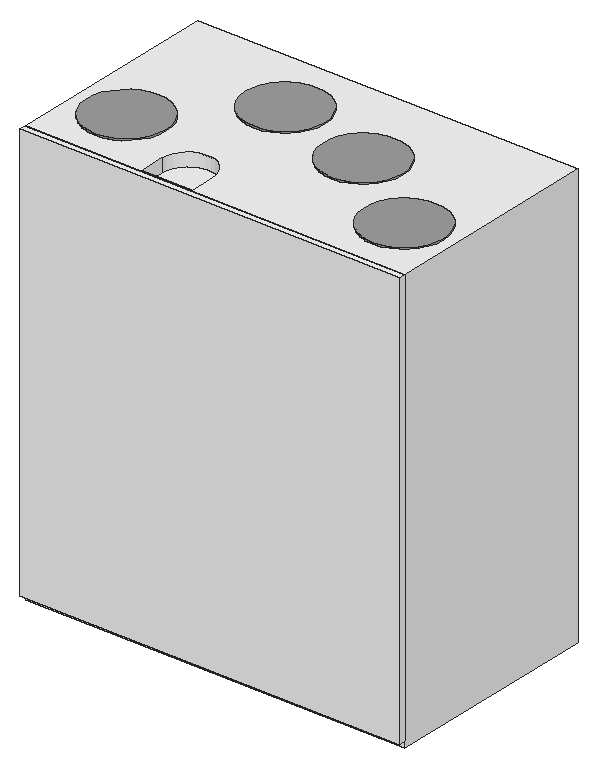
Revit family "210_8ac743d33eee4ac3818da44fb593gb", category Mechanical Equipment, Revit 2020
Family settings
  Round Connector Dimension = Use Diameter
  Classification = None
  Part Type = Normal
  Work Plane-Based = No
  Always vertical = Yes
  Cut with Voids When Loaded = No
  Shared = No
  Room Calculation Point = No
Parameters (values of type "Vallox 51 MV L, no heater")
  magiProductId = "8ac743d33eee4ac3818da44fb593gb"
  magiProductFamilyId = "8ac743d33eee4ac3818da44fb593gb"
  magiPartTypeId = 210
  fan_pressure_supply [instance] = 0.0 Pa
  fan_pressure_exhaust [instance] = 0.0 Pa
  fan_flow_supply [instance] = 0.0 L/s
  fan_flow_exhaust [instance] = 0.0 L/s
  ang2D [instance] = 0.00°
  W_2 = 169.5 mm
  W = 339 mm
  VersionID = "2.0/2020.10.13.1/VALLOX_51_202"
  VIS0 = no
  URL = "www.vallox.com"
  SE = 0 mm
  S = 1 mm
  RS = 62.5 mm
  QmdConnectorList = "221;D;231;D;241;D;251;D"
  Productdata [instance] = "© MagiCAD Group, all rights reserved"
  PValue [instance] = 100.0 Pa
  Manufacturer = "Vallox"
  MZONU__ve [instance] = -Maintenance Zone Under Depth  # -500 mm
  Maintenance Zone Under Depth [instance] = 500 mm
  Maintenance Zone Right Depth [instance] = 500 mm
  Maintenance Zone Over Depth [instance] = 500 mm
  Maintenance Zone Left Depth [instance] = 500 mm
  Maintenance Zone Front Depth [instance] = 330 mm
  Maintenance Zone Bottom Visibility [instance] = no
  Maintenance Zone Top Visibility [instance] = no
  Maintenance Zone Right Visibility [instance] = no
  Maintenance Zone Left Visibility [instance] = no
  Maintenance Zone Front Visibility [instance] = no
  MP_LLDAndHLD = and(MP, LLDAndHLD)  # no
  MPS = 2 mm
  MPH1 = 44 mm
  MPH = 46 mm
  MP = no
  MC Voltage = 230 V
  MC Ventilation Flow [instance] = 0.0 L/s
  MC Product Code = "Vallox 51 MV L, no heater"
  MC Piping Flow [instance] = 0.0 L/s
  MC Number of Poles = 1
  MC Material4 MAIN_MODEL = MC_0_0_0_0_50
  MC Material14 MAIN_MODEL = MC_191_191_191_0_50
  MC Material13 MAIN_MODEL = MC_255_255_255_60_50
  MC Material12 MAIN_MODEL = MC_128_128_128_0_50
  MC Material1 MAIN_MODEL = MC_255_255_255_0_50
  MC Enable LOD 350 = no
  MC Enable LOD 200 = no
  MC Eload Classification [instance] = Other
  MC CosPhi = 1
  MC Cooling Flow [instance] = 0.0 L/s
  MC Apparent Power = MC Active Power / MC CosPhi  # 940 VA
  MC Active Power = 940 W
  L_2 = 299 mm
  LP1 = 588 mm
  LLDONLY = not(BBVIS)  # yes
  LLDAndHLD = and(or(LLDONLY, MC Enable LOD 350), not(BBVIS))  # yes
  LD = 509 mm
  L = 598 mm
  HZ = 673 mm
  HP1 = 658 mm
  HP = 339 mm
  HB = 648 mm
  H2 = 668 mm
  H = 668 mm
  ER1 = 20 mm
  ER = 26 mm
  EPR = 30 mm
  ENBL350 = and(MC Enable LOD 350, not(BBVIS))  # no
  E = 110 mm
  Description = "Ventilation unit"
  Default Elevation = 0 mm
  D_2 = 62.5 mm
  DSCY = 145 mm
  DSC = 377 mm
  DR4 = 12 mm
  DR3 = 10 mm
  DR2 = 6 mm
  DR1 = 17.5 mm
  DR = 22.5 mm
  DPR = 8 mm
  DOC = 81 mm
  DL = 15 mm
  DEXY = 105 mm
  DEX = 222 mm
  DEC = 518 mm
  D = 125 mm
  CenSd_EPR_6 = EPR * cos(30.00°)  # 25.981 mm
  CenSd_DPR_8 = DPR * cos(22.50°)  # 7.391 mm
  Clearance Zone Under Depth [instance] = 500 mm
  Clearance Zone Right Depth [instance] = 500 mm
  Clearance Zone Left Depth [instance] = 500 mm
  Clearance Zone Height Depth [instance] = 500 mm
  Clearance Zone Front Depth [instance] = 500 mm
  Clearance Zone Visibility [instance] = no
  CAT = no
  BW = 359 mm
  BH = 725 mm
  BBVIS = MC Enable LOD 200  # no
Reference planes
  plane 1 "Center (Front/Back)": y = 0
  plane 2 "XYPLANE": z = 0
  plane 3 "Center (Left/Right)": x = 0
  plane 4 "312": y = -76.5
  plane 5 "311": x = -32
  plane 6 "310": x = -122
  plane 7 "284": z = 668
  plane 8 "282": y = -156.5
  plane 9 "281": z = 712
  plane 10 "277": x = -297
  plane 11 "276": x = 297
  plane 12 "275": y = -157.5
  plane 13 "267": z = 673
  plane 14 "161": x = 799
  plane 15 "158": x = -799
  plane 16 "153": y = -509.5
  plane 17 "150": z = 1173
  plane 18 "149": z = -552
  plane 19 "147": y = -659.5
  plane 20 "146": x = 799
  plane 21 "145": x = 299
  plane 22 "144": x = -799
  plane 23 "129": y = 51.5
  plane 24 "121": y = 36.5
  plane 25 "120": z = -32
  plane 26 "118": y = 31.5
  plane 27 "117": y = 26.5
  plane 28 "116": z = -22
  plane 29 "114": x = 200
  plane 30 "113": x = 220
  plane 31 "109": z = -47
  plane 32 "107": z = -52
  plane 33 "105": y = 6.5
  plane 34 "104": x = 210
  plane 35 "95": x = -77
  plane 36 "92": z = 673
  plane 37 "90": z = 663
  plane 38 "86": y = -157.5
  plane 39 "85": y = -117.5
  plane 40 "84": x = -37
  plane 41 "83": x = -117
  plane 42 "80": z = 440
  plane 43 "79": z = 438
  plane 44 "78": z = 448
  plane 45 "77": y = -179.5
  plane 46 "76": y = -171.5
  plane 47 "75": y = -169.5
  plane 48 "74": x = -294
  plane 49 "70": z = 339
  plane 50 "69": y = -159.5
  plane 51 "67": y = 10
  plane 52 "42": x = -218
  plane 53 "41": x = -77
  plane 54 "40": y = 74.5
  plane 55 "39": y = 34.5
  plane 56 "38": x = 78
  plane 57 "17": x = 219
  plane 58 "16": x = -299
  plane 59 "15": z = 668
  plane 60 "14": y = -61.5
  plane 61 "13": y = 179.5
  plane 62 "3": z = 0
  plane 63 "2": y = 0
  plane 64 "1": x = 0
Forms (mm)
  Extrusion 1, solid, material "MC_128_128_128_0_50" <- "MC Material12 MAIN_MODEL", visible <- "MP_LLDAndHLD"
    sketch origin (-750, 0, 668) x (1, 0, 0) y (0, 1, 0)
      loop
        circle (532, -61.5) r 62.5
    from 0 to 46 <- "MPH"
  Extrusion 2, solid, material "MC_128_128_128_0_50" <- "MC Material12 MAIN_MODEL", visible <- "MP_LLDAndHLD"
    sketch origin (-750, 0, 668) x (1, 0, 0) y (0, 1, 0)
      loop
        circle (673, 74.5) r 62.5
    from 0 to 46 <- "MPH"
  Extrusion 3, solid, material "MC_128_128_128_0_50" <- "MC Material12 MAIN_MODEL", visible <- "MP_LLDAndHLD"
    sketch origin (-750, 0, 668) x (1, 0, 0) y (0, 1, 0)
      loop
        circle (828, 34.5) r 62.5
    from 0 to 46 <- "MPH"
  Extrusion 4, solid, material "MC_128_128_128_0_50" <- "MC Material12 MAIN_MODEL", visible <- "MP_LLDAndHLD"
    sketch origin (-750, 0, 668) x (1, 0, 0) y (0, 1, 0)
      loop
        circle (969, -61.5) r 62.5
    from 0 to 46 <- "MPH"
  Extrusion 5, solid, material "MC_191_191_191_0_50" <- "MC Material14 MAIN_MODEL", visible <- "MP_LLDAndHLD"
    sketch origin (-750, 0, 712) x (1, 0, 0) y (0, 1, 0)
      loop
        line (453, 179.5) -> (453, -157.5) -> (1047, -157.5) -> (1047, 179.5) -> (453, 179.5)
      loop
        line (628, -76.5) -> (628, -156.5) -> (718, -156.5) -> (718, -76.5) -> (628, -76.5)
    from 0 to 2
  Extrusion 6, solid, material "MC_255_255_255_0_50" <- "MC Material1 MAIN_MODEL", visible <- "MP_LLDAndHLD"
    sketch origin (-750, 0, 668) x (1, 0, 0) y (0, 1, 0)
      loop
        line (451, -157.5) -> (451, -159.5) -> (1049, -159.5) -> (1049, -157.5) -> (451, -157.5)
    from 0 to 46 <- "MPH"
  Extrusion 7, solid, material "MC_255_255_255_0_50" <- "MC Material1 MAIN_MODEL", visible <- "MP_LLDAndHLD"
    sketch origin (-750, 0, 668) x (1, 0, 0) y (0, 1, 0)
      loop
        line (453, 179.5) -> (451, 179.5) -> (451, -157.5) -> (453, -157.5) -> (453, 179.5)
    from 0 to 46 <- "MPH"
  Extrusion 8, solid, material "MC_255_255_255_0_50" <- "MC Material1 MAIN_MODEL", visible <- "MP_LLDAndHLD"
    sketch origin (-750, 0, 668) x (1, 0, 0) y (0, 1, 0)
      loop
        line (1049, 179.5) -> (1047, 179.5) -> (1047, -157.5) -> (1049, -157.5) -> (1049, 179.5)
    from 0 to 46 <- "MPH"
  Extrusion 9, solid, material "MC_255_255_255_60_50" <- "MC Material13 MAIN_MODEL", visible <- "Maintenance Zone Top Visibility"
    sketch origin (-750, 0, 673) x (1, 0, 0) y (0, 1, 0)
      loop
        line (451, 179.5) -> (451, -179.5) -> (1049, -179.5) -> (1049, 179.5) -> (451, 179.5)
    from 0 to 500 <- "Maintenance Zone Over Depth"
  Extrusion 10, solid, material "MC_255_255_255_60_50" <- "MC Material13 MAIN_MODEL", visible <- "Maintenance Zone Bottom Visibility"
    sketch origin (-750, 0, -52) x (1, 0, 0) y (0, 1, 0)
      loop
        line (451, 179.5) -> (451, -179.5) -> (1049, -179.5) -> (1049, 179.5) -> (451, 179.5)
    from 0 to -500 <- "MZONU__ve"
  Extrusion 11, solid, material "MC_255_255_255_60_50" <- "MC Material13 MAIN_MODEL", visible <- "Maintenance Zone Right Visibility"
    sketch origin (-750, 0, -52) x (1, 0, 0) y (0, 1, 0)
      loop
        line (1549, 179.5) -> (1049, 179.5) -> (1049, -179.5) -> (1549, -179.5) -> (1549, 179.5)
    from 0 to 725 <- "BH"
  Extrusion 12, solid, material "MC_255_255_255_60_50" <- "MC Material13 MAIN_MODEL", visible <- "Maintenance Zone Left Visibility"
    sketch origin (-750, 0, -52) x (1, 0, 0) y (0, 1, 0)
      loop
        line (451, 179.5) -> (-49, 179.5) -> (-49, -179.5) -> (451, -179.5) -> (451, 179.5)
    from 0 to 725 <- "BH"
  Extrusion 13, solid, material "MC_255_255_255_60_50" <- "MC Material13 MAIN_MODEL", visible <- "Maintenance Zone Front Visibility"
    sketch origin (-750, 0, -52) x (1, 0, 0) y (0, 1, 0)
      loop
        line (451, -179.5) -> (451, -509.5) -> (1049, -509.5) -> (1049, -179.5) -> (451, -179.5)
    from 0 to 725 <- "BH"
  Blend 14, solid, material "MC_255_255_255_60_50" <- "MC Material13 MAIN_MODEL", visible <- "Clearance Zone Visibility"
    base sketch origin (-750, 0, -552) x (1, 0, 0) y (0, 1, 0)
      loop
        line (-49, 179.5) -> (-49, -659.5) -> (1549, -659.5) -> (1549, 179.5) -> (-49, 179.5)
    top sketch origin (-750, 0, -552) x (1, 0, 0) y (0, 1, 0)
      loop
        line (-49, 179.5) -> (-49, -659.5) -> (1549, -659.5) -> (1549, 179.5) -> (-49, 179.5)
    from 0 to 1725
  Extrusion 15, solid, visible <- "BBVIS"
    sketch origin (-750, 0, -52) x (1, 0, 0) y (0, 1, 0)
      loop
        line (1049, 179.5) -> (451, 179.5) -> (451, -179.5) -> (1049, -179.5) -> (1049, 179.5)
    from 0 to 725 <- "BH"
  Extrusion 16, solid, material "MC_255_255_255_0_50" <- "MC Material1 MAIN_MODEL", visible <- "ENBL350"
    sketch origin (750, 36.5, 0) x (-1, 0, 0) y (0, 0, 1)
      loop
        circle (540, -32) r 10
      loop
        line (532, -32) -> (534.343, -37.657) -> (540, -40) -> (545.657, -37.657) -> (548, -32) -> (545.657, -26.343) -> (540, -24) -> (534.343, -26.343) -> (532, -32)
    from 0 to 3
  Extrusion 17, solid, material "MC_255_255_255_0_50" <- "MC Material1 MAIN_MODEL", visible <- "LLDAndHLD"
    sketch origin (750, 36.5, 0) x (-1, 0, 0) y (0, 0, 1)
      loop
        circle (540, -32) r 6
    from 0 to 15
  Extrusion 18, solid, material "MC_255_255_255_0_50" <- "MC Material1 MAIN_MODEL", visible <- "LLDAndHLD"
    sketch origin (750, 36.5, 0) x (-1, 0, 0) y (0, 0, 1)
      loop
        circle (540, -32) r 6
    from 0 to -5
  Extrusion 19, solid, material "MC_255_255_255_0_50" <- "MC Material1 MAIN_MODEL", visible <- "ENBL350"
    sketch origin (750, 36.5, 0) x (-1, 0, 0) y (0, 0, 1)
      loop
        line (532, -32) -> (534.343, -37.657) -> (540, -40) -> (545.657, -37.657) -> (548, -32) -> (545.657, -26.343) -> (540, -24) -> (534.343, -26.343) -> (532, -32)
      loop
        circle (540, -32) r 6
    from 0 to 15
  Extrusion 20, solid, material "MC_255_255_255_0_50" <- "MC Material1 MAIN_MODEL", visible <- "LLDAndHLD"
    sketch origin (-750, 0, -22) x (1, 0, 0) y (0, 1, 0)
      loop
        arc (950, 26.5) -> (960, 28.75) -> (970, 26.5) r 23.347
        line (970, 26.5) -> (970, 31.5) -> (950, 31.5) -> (950, 26.5)
    from 0 to -20
  Blend 21, solid, material "MC_255_255_255_0_50" <- "MC Material1 MAIN_MODEL", visible <- "LLDAndHLD"
    base sketch origin (-750, 0, -47) x (1, 0, 0) y (0, 1, 0)
      loop
        circle (960, 6.5) r 22.5
    top sketch origin (-750, 0, -47) x (1, 0, 0) y (0, 1, 0)
      loop
        circle (960, 6.5) r 17.5
    from 0 to -5
  Extrusion 22, solid, material "MC_255_255_255_0_50" <- "MC Material1 MAIN_MODEL", visible <- "LLDAndHLD"
    sketch origin (-750, 0, -47) x (1, 0, 0) y (0, 1, 0)
      loop
        circle (960, 6.5) r 22.5
    from 0 to 47
  Blend 23, solid, material "MC_255_255_255_0_50" <- "MC Material1 MAIN_MODEL", visible <- "ENBL350"
    base sketch origin (-750, 0, 663) x (1, 0, 0) y (0, 1, 0)
      loop
        circle (673, -117.5) r 26
    top sketch origin (-750, 0, 663) x (1, 0, 0) y (0, 1, 0)
      loop
        circle (673, -117.5) r 20
    from 0 to 10
  Extrusion 24, solid, material "MC_255_255_255_0_50" <- "MC Material1 MAIN_MODEL", visible <- "ENBL350"
    sketch origin (-750, 0, 663) x (1, 0, 0) y (0, 1, 0)
      loop
        line (703, -117.5) -> (688, -91.519) -> (658, -91.519) -> (643, -117.5) -> (658, -143.481) -> (688, -143.481) -> (703, -117.5)
    from 0 to -15
  Extrusion 25, solid, material "MC_255_255_255_0_50" <- "MC Material1 MAIN_MODEL", visible <- "LLDAndHLD"
    sketch origin (-750, 0, 0) x (1, 0, 0) y (0, 1, 0)
      loop
        line (633, -157.5) -> (713, -157.5) -> (713, -117.5)
        arc (713, -117.5) -> (673, -77.5) -> (633, -117.5) r 40
        line (633, -117.5) -> (633, -157.5)
    from 0 to 648 <- "HB"
  Extrusion 26, solid, material "MC_255_255_255_0_50" <- "MC Material1 MAIN_MODEL", visible <- "ENBL350"
    sketch origin (-294, -750, 0) x (0, 1, 0) y (0, 0, 1)
      loop
        line (580.5, 668) -> (578.5, 668) -> (578.5, 448) -> (570.5, 440) -> (570.5, 438) -> (580.5, 448) -> (580.5, 668)
    from 0 to 588 <- "LP1"
  Extrusion 27, solid, material "MC_255_255_255_0_50" <- "MC Material1 MAIN_MODEL", visible <- "LLDAndHLD"
    sketch origin (750, -159.5, 0) x (-1, 0, 0) y (0, 0, 1)
      loop
        line (1049, 668) -> (451, 668) -> (451, 10) -> (1049, 10) -> (1049, 668)
    from 0 to -10
  Extrusion 28, solid, material "MC_128_128_128_0_50" <- "MC Material12 MAIN_MODEL", visible <- "LLDAndHLD"
    sketch origin (-750, 0, 668) x (1, 0, 0) y (0, 1, 0)
      loop
        circle (673, 74.5) r 62.5
    from 0 to 2
  Extrusion 29, solid, material "MC_128_128_128_0_50" <- "MC Material12 MAIN_MODEL", visible <- "LLDAndHLD"
    sketch origin (-750, 0, 668) x (1, 0, 0) y (0, 1, 0)
      loop
        circle (828, 34.5) r 62.5
    from 0 to 2
  Extrusion 30, solid, material "MC_128_128_128_0_50" <- "MC Material12 MAIN_MODEL", visible <- "LLDAndHLD"
    sketch origin (-750, 0, 668) x (1, 0, 0) y (0, 1, 0)
      loop
        circle (532, -61.5) r 62.5
    from 0 to 2
  Extrusion 31, solid, material "MC_128_128_128_0_50" <- "MC Material12 MAIN_MODEL", visible <- "LLDAndHLD"
    sketch origin (-750, 0, 668) x (1, 0, 0) y (0, 1, 0)
      loop
        circle (969, -61.5) r 62.5
    from 0 to 2
  Extrusion 32, solid, material "MC_255_255_255_0_50" <- "MC Material1 MAIN_MODEL", visible <- "LLDAndHLD"
    sketch origin (-750, 0, 0) x (1, 0, 0) y (0, 1, 0)
      loop
        line (1049, 179.5) -> (451, 179.5) -> (451, -159.5) -> (1049, -159.5) -> (1049, 179.5)
      loop
        line (633, -157.5) -> (713, -157.5) -> (713, -117.5)
        arc (713, -117.5) -> (673, -77.5) -> (633, -117.5) r 40
        line (633, -117.5) -> (633, -157.5)
    from 0 to 668 <- "H"
  Extrusion 33, solid, not visible
    sketch origin (750, 51.5, 0) x (-1, 0, 0) y (0, 0, 1)
      loop
        circle (540, -32) r 10
    from 0 to -10
  Extrusion 34, solid, not visible
    sketch origin (-750, 0, 668) x (1, 0, 0) y (0, 1, 0)
      loop
        circle (673, 74.5) r 10
    from 0 to -10
  Extrusion 35, solid, not visible
    sketch origin (-750, 0, 668) x (1, 0, 0) y (0, 1, 0)
      loop
        circle (828, 34.5) r 10
    from 0 to -10
  Extrusion 36, solid, not visible
    sketch origin (-750, 0, 668) x (1, 0, 0) y (0, 1, 0)
      loop
        circle (532, -61.5) r 10
    from 0 to -10
  Extrusion 37, solid, not visible
    sketch origin (-750, 0, 668) x (1, 0, 0) y (0, 1, 0)
      loop
        circle (969, -61.5) r 10
    from 0 to -10
  Extrusion 38, solid, not visible
    sketch origin (-750, 0, 673) x (1, 0, 0) y (0, 1, 0)
      loop
        circle (673, -117.5) r 10
    from 0 to -10
Lines and regions (mm)
  reference lines, not visible
    curve 1: circle (2, 2, 0) r 1 normal (0, 0, 1)
  reference lines
    curve 2: circle (0, 0, -52) r 1 normal (0, 0, 1)
    curve 3: line (210, 36.5, -32) -> (208.828, 36.5, -34.828)
    curve 4: line (210, 36.5, -32) -> (207.172, 36.5, -33.172)
    curve 5: line (210, 36.5, -32) -> (207.172, 36.5, -30.828)
    curve 6: line (210, 36.5, -32) -> (208.828, 36.5, -29.172)
    curve 7: line (210, 36.5, -32) -> (208.828, 36.5, -34.828)
    curve 8: line (210, 36.5, -32) -> (207.172, 36.5, -33.172)
    curve 9: line (210, 36.5, -32) -> (207.172, 36.5, -30.828)
    curve 10: line (210, 36.5, -32) -> (208.828, 36.5, -29.172)
    curve 11: line (200, 26.5, -22) -> (220, 26.5, -22)
    curve 12: line (-77, -117.5, 663) -> (-84.5, -104.51, 663)
    curve 13: line (-77, -117.5, 663) -> (-92, -117.5, 663)
    curve 14: line (-77, -117.5, 663) -> (-84.5, -130.49, 663)
    curve 15: line (-117, -117.5, 0) -> (-37, -117.5, 0)
    curve 16: circle (0, -159.5, 339) r 1 normal (0, -1, 0)
    curve 17: circle (0, 10, 0) r 1 normal (0, 0, 1)
    curve 18: line (-117, -117.5, 0) -> (-37, -117.5, 0)
Dimensions and locks
  plane 1 "Center (Front/Back)" to curve 1 = 2 mm
  locked: plane 8 "282" to plane 4 "312" at 80
  locked: plane 6 "310" to plane 5 "311" at 90
  locked: plane 35 "95" to plane 6 "310" at 45
  "H2": plane 62 "3" to plane 7 "284"
  locked: plane 12 "275" to plane 8 "282" at 1
  "MPH1": plane 59 "15" to plane 9 "281"
  "MPS": plane 58 "16" to plane 10 "277"
  "MPS": plane 21 "145" to plane 11 "276"
  "MPS": plane 50 "69" to plane 12 "275"
  "HZ": plane 62 "3" to plane 13 "267"
  "Maintenance Zone Right Depth": plane 21 "145" to plane 14 "161"
  "Maintenance Zone Left Depth": plane 58 "16" to plane 15 "158"
  "Maintenance Zone Front Depth": plane 45 "77" to plane 16 "153"
  "Clearance Zone Height Depth": plane 13 "267" to plane 17 "150"
  "Clearance Zone Under Depth": plane 32 "107" to plane 18 "149"
  "Clearance Zone Front Depth": plane 50 "69" to plane 19 "147"
  "Clearance Zone Right Depth": plane 21 "145" to plane 20 "146"
  "L_2": plane 64 "1" to plane 21 "145"
  "Clearance Zone Left Depth": plane 58 "16" to plane 22 "144"
  locked: plane 24 "121" to plane 23 "129" at 15
  locked: plane 26 "118" to plane 24 "121" at 5
  locked: plane 28 "116" to plane 25 "120" at 10
  locked: plane 27 "117" to plane 26 "118" at 5
  locked: plane 33 "105" to plane 27 "117" at 20
  locked: plane 62 "3" to plane 28 "116" at 22
  locked: plane 34 "104" to plane 29 "114" at 10
  locked: plane 34 "104" to plane 30 "113" at 10
  locked: plane 62 "3" to plane 31 "109" at 47
  locked: plane 62 "3" to plane 32 "107" at 52
  locked: plane 61 "13" to plane 33 "105" at 173
  "LD": plane 58 "16" to plane 34 "104"
  locked: plane 58 "16" to plane 35 "95" at 222
  locked: plane 59 "15" to plane 36 "92" at 5
  locked: plane 59 "15" to plane 37 "90" at 5
  locked: plane 50 "69" to plane 38 "86" at 2
  locked: plane 38 "86" to plane 39 "85" at 40
  locked: plane 35 "95" to plane 40 "84" at 40
  locked: plane 35 "95" to plane 41 "83" at 40
  locked: plane 44 "78" to plane 42 "80" at 8
  locked: plane 44 "78" to plane 43 "79" at 10
  locked: plane 59 "15" to plane 44 "78" at 220
  locked: plane 47 "75" to plane 45 "77" at 10
  locked: plane 47 "75" to plane 46 "76" at 2
  locked: plane 50 "69" to plane 47 "75" at 10
  locked: plane 58 "16" to plane 48 "74" at 5
  "HP": plane 62 "3" to plane 49 "70"
  "W_2": plane 51 "67" to plane 50 "69"
  locked: plane 63 "2" to plane 51 "67" at 10
  "DOC": plane 58 "16" to plane 52 "42"
  "DEX": plane 58 "16" to plane 53 "41"
  "DEXY": plane 61 "13" to plane 54 "40"
  "DSCY": plane 61 "13" to plane 55 "39"
  "DSC": plane 58 "16" to plane 56 "38"
  "DEC": plane 58 "16" to plane 57 "17"
  "L_2": plane 64 "1" to plane 58 "16"
  "H": plane 62 "3" to plane 59 "15"
  locked: plane 61 "13" to plane 60 "14" at 241
  "W_2": plane 51 "67" to plane 61 "13"
  locked: plane 2 "XYPLANE" to plane 62 "3"
  locked: plane 1 "Center (Front/Back)" to plane 63 "2"
  locked: plane 3 "Center (Left/Right)" to plane 64 "1"
  Extrusion 5 sketch curve to Extrusion 5 sketch curve = 0 mm  (x16)
  Extrusion 6 sketch curve to Extrusion 6 sketch curve = 0 mm  (x8)
  Extrusion 7 sketch curve to Extrusion 7 sketch curve = 0 mm  (x8)
  Extrusion 8 sketch curve to Extrusion 8 sketch curve = 0 mm  (x8)
  Extrusion 9 sketch curve to Extrusion 9 sketch curve = 0 mm  (x8)
  Extrusion 10 sketch curve to Extrusion 10 sketch curve = 0 mm  (x8)
  Extrusion 11 sketch curve to Extrusion 11 sketch curve = 0 mm  (x8)
  Extrusion 12 sketch curve to Extrusion 12 sketch curve = 0 mm  (x8)
  Extrusion 13 sketch curve to Extrusion 13 sketch curve = 0 mm  (x8)
  Blend 14 sketch curve to Blend 14 sketch curve = 0 mm  (x16)
  equal spacing: Extrusion 15 sketch curve, curve 2, Extrusion 15 sketch curve  (x2)
  "BW": Extrusion 15 sketch curve to Extrusion 15 sketch curve
  "L": Extrusion 15 sketch curve to Extrusion 15 sketch curve
  Extrusion 15 sketch curve to Extrusion 15 sketch curve = 0 mm  (x8)
  "CenSd_DPR_8": curve 3 to Extrusion 16 sketch curve  (x2)
  "CenSd_DPR_8": curve 4 to Extrusion 16 sketch curve  (x2)
  "CenSd_DPR_8": curve 5 to Extrusion 16 sketch curve  (x2)
  "CenSd_DPR_8": curve 6 to Extrusion 16 sketch curve  (x2)
  Extrusion 16 sketch curve to Extrusion 16 sketch curve = 0 mm  (x16)
  "CenSd_DPR_8": curve 7 to Extrusion 19 sketch curve  (x2)
  "CenSd_DPR_8": curve 8 to Extrusion 19 sketch curve  (x2)
  "CenSd_DPR_8": curve 9 to Extrusion 19 sketch curve  (x2)
  "CenSd_DPR_8": curve 10 to Extrusion 19 sketch curve  (x2)
  Extrusion 19 sketch curve to Extrusion 19 sketch curve = 0 mm  (x16)
  Extrusion 20 sketch curve to Extrusion 20 sketch curve = 0 mm  (x8)
  "CenSd_EPR_6": curve 12 to Extrusion 24 sketch curve  (x2)
  "CenSd_EPR_6": curve 13 to Extrusion 24 sketch curve  (x2)
  "CenSd_EPR_6": curve 14 to Extrusion 24 sketch curve  (x2)
  Extrusion 24 sketch curve to Extrusion 24 sketch curve = 0 mm  (x12)
  Extrusion 25 sketch curve to Extrusion 25 sketch curve = 0 mm  (x8)
  Extrusion 26 sketch curve to Extrusion 26 sketch curve = 0 mm  (x12)
  equal spacing: Extrusion 27 sketch curve, curve 16, Extrusion 27 sketch curve  (x2)
  "L": Extrusion 27 sketch curve to Extrusion 27 sketch curve
  "HP1": Extrusion 27 sketch curve to Extrusion 27 sketch curve
  Extrusion 27 sketch curve to Extrusion 27 sketch curve = 0 mm  (x8)
  equal spacing: Extrusion 32 sketch curve, curve 17, Extrusion 32 sketch curve  (x2)
  "W": Extrusion 32 sketch curve to Extrusion 32 sketch curve
  "L": Extrusion 32 sketch curve to Extrusion 32 sketch curve
  Extrusion 32 sketch curve to Extrusion 32 sketch curve = 0 mm  (x16)
  "D_2": radius of Extrusion 1 sketch curve
  "D_2": radius of Extrusion 2 sketch curve
  "D_2": radius of Extrusion 3 sketch curve
  "D_2": radius of Extrusion 4 sketch curve
  "DR3": radius of Extrusion 16 sketch curve
  "DR2": radius of Extrusion 17 sketch curve
  "DR2": radius of Extrusion 18 sketch curve
  "DR2": radius of Extrusion 19 sketch curve
  "DR1": radius of Blend 21 sketch curve
  "DR": radius of Blend 21 sketch curve
  "DR": radius of Extrusion 22 sketch curve
  "ER1": radius of Blend 23 sketch curve
  "ER": radius of Blend 23 sketch curve
  "D_2": radius of Extrusion 28 sketch curve
  "D_2": radius of Extrusion 29 sketch curve
  "D_2": radius of Extrusion 30 sketch curve
  "D_2": radius of Extrusion 31 sketch curve
  locked: curve 4 to curve 3 (angle 45.00°)
  locked: curve 5 to curve 4 (angle 45.00°)
  locked: curve 6 to curve 5 (angle 45.00°)
  locked: curve 6 to curve 3 (angle 135.00°)
  locked: curve 8 to curve 7 (angle 45.00°)
  locked: curve 9 to curve 8 (angle 45.00°)
  locked: curve 10 to curve 9 (angle 45.00°)
  locked: curve 10 to curve 7 (angle 135.00°)
  locked: curve 13 to curve 12 (angle 60.00°)
  locked: curve 14 to curve 13 (angle 60.00°)
  locked: curve 14 to curve 12 (angle 120.00°)
  aligned and locked: level to plane 2 "XYPLANE"
  aligned and locked: plane 52 "42" to Extrusion 1 sketch curve
  aligned and locked: plane 60 "14" to Extrusion 1 sketch curve
  aligned and locked: plane 53 "41" to Extrusion 2 sketch curve
  aligned and locked: plane 54 "40" to Extrusion 2 sketch curve
  aligned and locked: plane 55 "39" to Extrusion 3 sketch curve
  aligned and locked: plane 56 "38" to Extrusion 3 sketch curve
  aligned and locked: plane 57 "17" to Extrusion 4 sketch curve
  aligned and locked: plane 60 "14" to Extrusion 4 sketch curve
  aligned and locked: Extrusion 5 sketch curve to plane 10 "277"
  aligned and locked: plane 61 "13" to Extrusion 5 sketch curve  (x2)
  aligned and locked: plane 12 "275" to Extrusion 5 sketch curve  (x2)
  aligned and locked: plane 10 "277" to Extrusion 5 sketch curve
  aligned and locked: plane 11 "276" to Extrusion 5 sketch curve  (x2)
  aligned and locked: Extrusion 5 sketch curve to plane 6 "310"
  aligned and locked: plane 4 "312" to Extrusion 5 sketch curve  (x2)
  aligned and locked: plane 8 "282" to Extrusion 5 sketch curve  (x2)
  aligned and locked: plane 6 "310" to Extrusion 5 sketch curve
  aligned and locked: plane 5 "311" to Extrusion 5 sketch curve  (x2)
  aligned and locked: Extrusion 6 sketch curve to plane 58 "16"
  aligned and locked: plane 12 "275" to Extrusion 6 sketch curve  (x2)
  aligned and locked: plane 50 "69" to Extrusion 6 sketch curve  (x2)
  aligned and locked: plane 58 "16" to Extrusion 6 sketch curve
  aligned and locked: plane 21 "145" to Extrusion 6 sketch curve  (x2)
  aligned and locked: Extrusion 7 sketch curve to plane 10 "277"
  aligned and locked: plane 61 "13" to Extrusion 7 sketch curve  (x2)
  aligned and locked: plane 12 "275" to Extrusion 7 sketch curve  (x2)
  aligned and locked: plane 10 "277" to Extrusion 7 sketch curve
  aligned and locked: plane 58 "16" to Extrusion 7 sketch curve  (x2)
  aligned and locked: Extrusion 8 sketch curve to plane 21 "145"
  aligned and locked: plane 61 "13" to Extrusion 8 sketch curve  (x2)
  aligned and locked: plane 12 "275" to Extrusion 8 sketch curve  (x2)
  aligned and locked: plane 21 "145" to Extrusion 8 sketch curve
  aligned and locked: plane 11 "276" to Extrusion 8 sketch curve  (x2)
  aligned and locked: Extrusion 9 sketch curve to plane 58 "16"
  aligned and locked: plane 61 "13" to Extrusion 9 sketch curve  (x2)
  aligned and locked: plane 45 "77" to Extrusion 9 sketch curve  (x2)
  aligned and locked: plane 58 "16" to Extrusion 9 sketch curve
  aligned and locked: plane 21 "145" to Extrusion 9 sketch curve  (x2)
  aligned and locked: Extrusion 10 sketch curve to plane 58 "16"
  aligned and locked: plane 61 "13" to Extrusion 10 sketch curve  (x2)
  aligned and locked: plane 45 "77" to Extrusion 10 sketch curve  (x2)
  aligned and locked: plane 58 "16" to Extrusion 10 sketch curve
  aligned and locked: plane 21 "145" to Extrusion 10 sketch curve  (x2)
  aligned and locked: Extrusion 11 sketch curve to plane 14 "161"
  aligned and locked: Extrusion 11 sketch curve to plane 61 "13"  (x2)
  aligned and locked: Extrusion 11 sketch curve to plane 45 "77"
  aligned and locked: plane 14 "161" to Extrusion 11 sketch curve
  aligned and locked: plane 21 "145" to Extrusion 11 sketch curve  (x2)
  aligned and locked: plane 45 "77" to Extrusion 11 sketch curve
  aligned and locked: Extrusion 12 sketch curve to plane 58 "16"
  aligned and locked: plane 61 "13" to Extrusion 12 sketch curve  (x2)
  aligned and locked: plane 45 "77" to Extrusion 12 sketch curve  (x2)
  aligned and locked: plane 58 "16" to Extrusion 12 sketch curve
  aligned and locked: plane 15 "158" to Extrusion 12 sketch curve  (x2)
  aligned and locked: Extrusion 13 sketch curve to plane 58 "16"
  aligned and locked: plane 45 "77" to Extrusion 13 sketch curve  (x2)
  aligned and locked: plane 16 "153" to Extrusion 13 sketch curve  (x2)
  aligned and locked: plane 58 "16" to Extrusion 13 sketch curve
  aligned and locked: plane 21 "145" to Extrusion 13 sketch curve  (x2)
  aligned and locked: Blend 14 sketch curve to plane 22 "144"  (x2)
  aligned and locked: plane 61 "13" to Blend 14 sketch curve  (x2)
  aligned and locked: plane 19 "147" to Blend 14 sketch curve  (x2)
  aligned and locked: plane 22 "144" to Blend 14 sketch curve  (x2)
  aligned and locked: plane 20 "146" to Blend 14 sketch curve  (x4)
  aligned and locked: Blend 14 sketch curve to plane 19 "147"  (x2)
  aligned and locked: Blend 14 sketch curve to plane 61 "13"  (x2)
  aligned and locked: Blend 14 to plane 17 "150"
  aligned and locked: plane 63 "2" to curve 2
  aligned and locked: plane 64 "1" to curve 2
  aligned and locked: plane 25 "120" to Extrusion 16 sketch curve
  aligned and locked: Extrusion 16 sketch curve to plane 34 "104"
  aligned and locked: plane 25 "120" to Extrusion 17 sketch curve
  aligned and locked: Extrusion 17 sketch curve to plane 34 "104"
  aligned and locked: plane 25 "120" to Extrusion 18 sketch curve
  aligned and locked: Extrusion 18 sketch curve to plane 34 "104"
  aligned and locked: plane 25 "120" to curve 7
  aligned and locked: curve 8 to plane 34 "104"
  aligned and locked: plane 25 "120" to Extrusion 19 sketch curve
  aligned and locked: Extrusion 19 sketch curve to plane 34 "104"
  aligned and locked: curve 11 to plane 27 "117"
  aligned and locked: plane 29 "114" to curve 11
  aligned and locked: plane 30 "113" to curve 11
  aligned and locked: plane 30 "113" to Extrusion 20 sketch curve  (x2)
  aligned and locked: plane 27 "117" to Extrusion 20 sketch curve  (x2)
  aligned and locked: plane 26 "118" to Extrusion 20 sketch curve  (x2)
  aligned and locked: plane 29 "114" to Extrusion 20 sketch curve
  aligned and locked: plane 33 "105" to Blend 21 sketch curve  (x2)
  aligned and locked: plane 34 "104" to Blend 21 sketch curve  (x2)
  aligned and locked: Blend 21 to plane 32 "107"
  aligned and locked: plane 33 "105" to Extrusion 22 sketch curve
  aligned and locked: plane 34 "104" to Extrusion 22 sketch curve
  aligned and locked: plane 35 "95" to Blend 23 sketch curve  (x2)
  aligned and locked: plane 39 "85" to Blend 23 sketch curve  (x2)
  aligned and locked: plane 36 "92" to Blend 23
  aligned and locked: plane 35 "95" to curve 14
  aligned and locked: plane 39 "85" to curve 14
  aligned and locked: plane 41 "83" to Extrusion 25 sketch curve
  aligned and locked: plane 38 "86" to Extrusion 25 sketch curve  (x2)
  aligned and locked: plane 39 "85" to Extrusion 25 sketch curve  (x2)
  aligned and locked: curve 15 to plane 39 "85"
  aligned and locked: plane 41 "83" to curve 15
  aligned and locked: plane 40 "84" to curve 15
  aligned and locked: Extrusion 25 sketch curve to plane 40 "84"
  aligned and locked: plane 40 "84" to Extrusion 25 sketch curve
  aligned and locked: Extrusion 26 sketch curve to plane 47 "75"
  aligned and locked: plane 59 "15" to Extrusion 26 sketch curve  (x2)
  aligned and locked: plane 44 "78" to Extrusion 26 sketch curve  (x2)
  aligned and locked: plane 47 "75" to Extrusion 26 sketch curve
  aligned and locked: plane 43 "79" to Extrusion 26 sketch curve
  aligned and locked: plane 45 "77" to Extrusion 26 sketch curve  (x2)
  aligned and locked: plane 42 "80" to Extrusion 26 sketch curve
  aligned and locked: plane 46 "76" to Extrusion 26 sketch curve  (x2)
  aligned and locked: plane 49 "70" to curve 16
  aligned and locked: plane 64 "1" to curve 16
  aligned and locked: plane 53 "41" to Extrusion 28 sketch curve
  aligned and locked: plane 54 "40" to Extrusion 28 sketch curve
  aligned and locked: plane 55 "39" to Extrusion 29 sketch curve
  aligned and locked: plane 56 "38" to Extrusion 29 sketch curve
  aligned and locked: plane 52 "42" to Extrusion 30 sketch curve
  aligned and locked: plane 60 "14" to Extrusion 30 sketch curve
  aligned and locked: plane 57 "17" to Extrusion 31 sketch curve
  aligned and locked: plane 60 "14" to Extrusion 31 sketch curve
  aligned and locked: plane 51 "67" to curve 17
  aligned and locked: plane 64 "1" to curve 17
  aligned and locked: plane 41 "83" to Extrusion 32 sketch curve
  aligned and locked: plane 38 "86" to Extrusion 32 sketch curve  (x2)
  aligned and locked: plane 39 "85" to Extrusion 32 sketch curve  (x2)
  aligned and locked: curve 18 to plane 39 "85"
  aligned and locked: plane 41 "83" to curve 18
  aligned and locked: plane 40 "84" to curve 18
  aligned and locked: Extrusion 32 sketch curve to plane 40 "84"
  aligned and locked: plane 40 "84" to Extrusion 32 sketch curve
  aligned and locked: plane 25 "120" to Extrusion 33 sketch curve
  aligned and locked: Extrusion 33 sketch curve to plane 34 "104"
  aligned and locked: plane 53 "41" to Extrusion 34 sketch curve
  aligned and locked: plane 54 "40" to Extrusion 34 sketch curve
  aligned and locked: plane 55 "39" to Extrusion 35 sketch curve
  aligned and locked: plane 56 "38" to Extrusion 35 sketch curve
  aligned and locked: plane 52 "42" to Extrusion 36 sketch curve
  aligned and locked: plane 60 "14" to Extrusion 36 sketch curve
  aligned and locked: plane 57 "17" to Extrusion 37 sketch curve
  aligned and locked: plane 60 "14" to Extrusion 37 sketch curve
  aligned and locked: plane 35 "95" to Extrusion 38 sketch curve
  aligned and locked: plane 39 "85" to Extrusion 38 sketch curve
Automatic sketch dimensions
  curve 4 to curve 5 = 0 mm
  Extrusion 20 sketch curve to plane 33 "105" = 1.097 mm
  Extrusion 33 sketch curve to plane 30 "113" = 0 mm
  Extrusion 34 sketch curve to Extrusion 34 sketch curve = 10 mm
  Extrusion 35 sketch curve to plane 27 "117" = 2 mm
  plane 4 "312" to Extrusion 36 sketch curve = 5 mm
  plane 4 "312" to Extrusion 37 sketch curve = 5 mm
  Extrusion 38 sketch curve to plane 39 "85" = 10 mm
  plane 3 "Center (Left/Right)" to curve 1 = 2 mm
  Extrusion 15 sketch curve to plane 58 "16" = 0 mm
  Extrusion 15 sketch curve to plane 45 "77" = 0 mm
  Extrusion 27 sketch curve to plane 7 "284" = 0 mm
  Extrusion 27 sketch curve to plane 21 "145" = 0 mm
  Extrusion 32 sketch curve to plane 58 "16" = 0 mm
  Extrusion 32 sketch curve to plane 50 "69" = 0 mm
  radius of curve 2 = 1 mm
  radius of curve 16 = 1 mm
  radius of curve 17 = 1 mm
  radius of curve 1 = 1 mm
Connectors
  hvac at (78, 34.5, 668), driven by "D"
    settings: on Extrusion 35, index 1, duct flow 0.0 L/s, flow factor 0, pres drop 0.0 Pa, loss coef 0, conn angle 0.00°, conn width 304.8 mm, conn height 304.8 mm, conn diameter 125 mm, duct sys type 1, conn prof type 0, flow config 0, flow direction 2, loss method 0, conn ref index -1, conn util no, is conn primary yes, conn desc ""
  hvac at (-218, -61.5, 668), driven by "D"
    settings: on Extrusion 36, index 2, duct flow 0.0 L/s, flow factor 0, pres drop 0.0 Pa, loss coef 0, conn angle 0.00°, conn width 304.8 mm, conn height 304.8 mm, conn diameter 125 mm, duct sys type 1, conn prof type 0, flow config 0, flow direction 1, loss method 0, conn ref index -1, conn util no, is conn primary no, conn desc ""
  hvac at (219, -61.5, 668), driven by "D"
    settings: on Extrusion 37, index 3, duct flow 0.0 L/s, flow factor 0, pres drop 0.0 Pa, loss coef 0, conn angle 0.00°, conn width 304.8 mm, conn height 304.8 mm, conn diameter 125 mm, duct sys type 2, conn prof type 0, flow config 0, flow direction 1, loss method 0, conn ref index -1, conn util no, is conn primary no, conn desc ""
  hvac at (-77, 74.5, 668), driven by "D"
    settings: on Extrusion 34, index 4, duct flow 0.0 L/s, flow factor 0, pres drop 0.0 Pa, loss coef 0, conn angle 0.00°, conn width 304.8 mm, conn height 304.8 mm, conn diameter 125 mm, duct sys type 3, conn prof type 0, flow config 0, flow direction 2, loss method 0, conn ref index -1, conn util no, is conn primary no, conn desc ""
  electrical at (-77, -117.5, 673), driven by "MC Apparent Power", driven by "MC Number of Poles", driven by "MC CosPhi", driven by "MC Voltage", driven by "MC Eload Classification"
    settings: on Extrusion 38, index 5, voltage 230 V, apparent load 940 VA, apparent load phase1 0 VA, apparent load phase2 0 VA, apparent load phase3 0 VA, power factor 1, load classification "Other", number of poles 1, system type 30, power factor state 1, is connector primary yes, connector utility no, sub classification motor no, connector description ""
